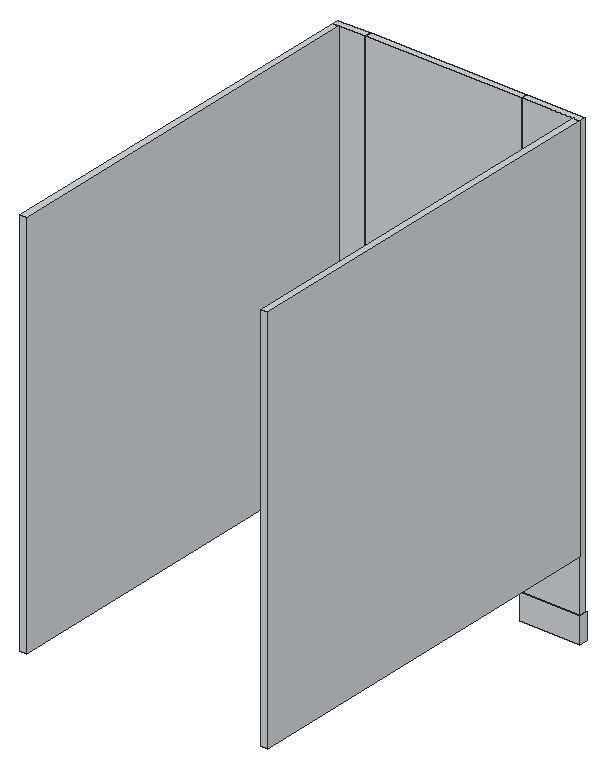
Revit family "r25_MY_Restroom Stall_45_other", category Generic Models, Revit 2025
Family settings
  Can host rebar = No
  Round Connector Dimension = Use Diameter
  Part Type = Normal
  OmniClass Number = 23.25.40.14.14.11
  OmniClass Title = Toilet Compartments and Urinal Screens
  Work Plane-Based = No
  Always vertical = Yes
  Cut with Voids When Loaded = No
  Maintain Annotation Orientation = No
  Shared = No
  Room Calculation Point = No
Parameters (values of type "Stall")
  TO Panel = 6' - 0"
  Switch Door Swing [instance] = yes
  Stall Door Width [instance] = 2' - 0"
  Stall Door Shift = 0' - 0"
  Stall Clear Depth [instance] = 5' - 0"
  Stall Clear Width [instance] = 3' - 0"
  Show Door Swing in Elevation [instance] = yes
  Pilaster2Width [instance] = (Stall Clear Width - Stall Door Width) - (Door Offset)  # 0' - 8"
  Door Offset [instance] = 0' - 4"
  Pilaster Shoe Height = 0' - 4"
  Pilaster Shoe Finish (Material) [instance] = none
  Panel on Side 2 [instance] = yes
  Panel on Side 1 [instance] = yes
  Panel Thickness = 0' - 1"
  Panel Finish (Material) [instance] = none
  Keynote = "10 2113.14.TA-14"
  Door Swings In [instance] = yes
  Default Elevation = 0' - 0"
  BO Panel = 1' - 0"
  Assembly Code = "C1010400"
  ACM Version = "1.0"  # constant formula
Reference planes (in)
  plane 1 "Center (Front/Back)": y = 0
  plane 2: z = 0
  plane 3 "Center (Left/Right)": x = 0
  plane 4: y = 60
  plane 5: x = 36
  plane 6: x = 4
  plane 7: y = 85
Lines and regions (in)
  symbolic lines, style "InvisibleLines"
    curve 1: line (18, 0, 0) -> (18, 6, 0)
    curve 2: line (0, 0, 0) -> (36, 0, 0)
Dimensions and locks (in)
  "Stall Clear Depth": plane 4 to plane 1 "Center (Front/Back)"
  "Stall Clear Width": plane 3 "Center (Left/Right)" to plane 5
  locked: plane 3 "Center (Left/Right)" to curve 1 at 18
  "Door Offset": plane 3 "Center (Left/Right)" to plane 6
  locked: nested 3 to plane 4 at 1
  aligned and locked: plane 2 to level
  aligned and locked: plane 3 "Center (Left/Right)" to nested 2
  aligned and locked: plane 1 "Center (Front/Back)" to nested 2
  aligned and locked: nested 1 to plane 5
  aligned and locked: plane 1 "Center (Front/Back)" to nested 1
  aligned and locked: nested 4 to plane 4
  aligned and locked: plane 3 "Center (Left/Right)" to nested 4
  aligned and locked: plane 5 to nested 5
  aligned and locked: nested 5 to plane 4
  aligned and locked: plane 1 "Center (Front/Back)" to curve 1
  aligned and locked: plane 1 "Center (Front/Back)" to curve 2
  aligned and locked: nested 3 to plane 6
  aligned and locked: plane 6 to nested 4
Automatic sketch dimensions
  curve 2 to plane 3 "Center (Left/Right)" = 0' - 0"
  curve 2 to plane 5 = 0' - 0"
  curve 1 to plane 1 "Center (Front/Back)" = 0' - 6"
Nested families (in)
  nested 1: "102113_Panel" at (36.5, 0, 0), TO Panel <- "TO Panel", Panel Thickness <- "Panel Thickness", BO Panel <- "BO Panel", visible <- "Panel on Side 2", Panel Finish (Material) <- "Panel Finish (Material)", Panel Length <- "Stall Clear Depth", type "102113_Panel"
    with TO Panel 6' - 0", Panel Thickness 0' - 1", Panel Length 5' - 0", Panel Finish (Material) none, BO Panel 1' - 0"
  nested 2: "102113_Panel" at (-0.5, 0, 0), TO Panel <- "TO Panel", Panel Thickness <- "Panel Thickness", BO Panel <- "BO Panel", visible <- "Panel on Side 1", Panel Length <- "Stall Clear Depth", type "102113_Panel"
    with TO Panel 6' - 0", Panel Thickness 0' - 1", Panel Length 5' - 0", Panel Finish (Material) none, BO Panel 1' - 0"
  nested 3: "Partiton_Door45" at (15, 60.5, 0), Show Door Swing in Elev <- "Show Door Swing in Elevation", Door Swings Left <- "Switch Door Swing", Door Swings In <- "Door Swings In", Panel Finish (Material) <- "Panel Finish (Material)", Panel Thickness <- "Panel Thickness", TO Door <- "TO Panel", Door Shift <- "Stall Door Shift", Door Width <- "Stall Door Width", BO Door <- "BO Panel", type "Partiton_Door45"
    with TO Door 6' - 0", Show Door Swing in Elev yes, RightSwingVis no, RHR no, RH no, Panel Thickness 0' - 1", Panel Finish (Material) none, OffsetDriver 1' - 0", LeftSwingVis yes, LHR yes, LH no, Door Width 2' - 0", Door Swings Right no, Door Swings Out no, Door Swings Left yes, Door Swings In yes, Door Shift 0' - 0", Door Panel yes, BO Door 1' - 0"
  nested 4: "Left_End Pilaster_FA" at (0, 60, 0), Pilaster Shoe Finish (Material) <- "Pilaster Shoe Finish (Material)", Panel Finish (Material) <- "Panel Finish (Material)", TO Pilaster <- "TO Panel", Pilaster Width <- "Door Offset", Pilaster Shoe Height <- "Pilaster Shoe Height", Panel Thickness <- "Panel Thickness", Adjacent to Panel <- "Panel on Side 1", type "Left_End Pilaster_FA"
    with TO Pilaster 6' - 0", Pilaster Width 0' - 4", Pilaster Shoe Height 0' - 4", Pilaster Shoe Finish (Material) none, Panel Thickness 0' - 1", Panel Finish (Material) none, OffsetDriver 0' - 1", Front Panel yes, Adjacent to Panel yes
  nested 5: "ACM_Right_End Pilaster_FA" at (36, 61, 0) x (-1, 0, 0) z (0, 0, 1), TO Pilaster <- "TO Panel", Pilaster Width <- "Pilaster2Width", Pilaster Shoe Height <- "Pilaster Shoe Height", Panel Thickness <- "Panel Thickness", type "ACM_Right_End Pilaster_FA"
    with TO Pilaster 6' - 0", Pilaster Width 0' - 8", Pilaster Shoe Height 0' - 4", Pilaster Shoe Finish (Material) none, Panel Thickness 0' - 1", Panel Finish (Material) none, OffsetDriver 0' - 1", Front Panel yes, Adjacent to Panel yes
Definition of nested family "102113_Panel"
  Parameters
    TO Panel [instance] = 5' - 10"
    Panel Length [instance] = 5' - 0"
    Panel Thickness [instance] = 0' - 1"
    Panel Finish (Material) [instance] = none
    Default Elevation = 0' - 0"
    BO Panel [instance] = 1' - 0"
    Assembly Code = ""
  Reference planes (in)
    plane 1 "Front": y = 0
    plane 2: z = 0
    plane 3 "Center (Left/Right)": x = 0
    plane 4 "Back": y = 60
    plane 5: x = 0.5
    plane 6: x = -0.5
  Forms (in)
    Extrusion 1, solid, material <- "Panel Finish (Material)"
      sketch origin (0, 0, 0) x (1, 0, 0) y (0, 1, 0)
        loop
          line (-0.5, 0) -> (0.5, 0) -> (0.5, 60) -> (-0.5, 60) -> (-0.5, 0)
      from 12 <- "BO Panel" to 70 <- "TO Panel"
  Dimensions and locks (in)
    "Panel Length": plane 4 "Back" to plane 1 "Front"
    equal spacing: plane 6, plane 3 "Center (Left/Right)", plane 5
    "Panel Thickness": plane 6 to plane 5
    aligned and locked: plane 1 "Front" to Extrusion 1 sketch curve
    aligned and locked: plane 5 to Extrusion 1 sketch curve
    aligned and locked: plane 4 "Back" to Extrusion 1 sketch curve
    aligned and locked: Extrusion 1 sketch curve to plane 6
Definition of nested family "Partiton_Door45"
  Parameters (values of type "Partiton_Door45")
    Show Door Swing in Elev [instance] = yes
    RightSwingVis [instance] = and(Show Door Swing in Elev, Door Swings Right)  # yes
    RHR [instance] = and(Door Swings Right, Door Swings In)  # yes
    RH [instance] = and(Door Swings Right, Door Swings Out)  # no
    Panel Thickness [instance] = 0' - 1"
    TO Door [instance] = 5' - 10"
    Panel Finish (Material) [instance] = none
    Door Shift [instance] = 0' - 0"
    LeftSwingVis [instance] = and(Show Door Swing in Elev, Door Swings Left)  # no
    OffsetDriver [instance] = Door Width / 2 + Door Shift  # 1' - 3"
    LHR [instance] = and(Door Swings Left, Door Swings In)  # no
    LH [instance] = and(Door Swings Left, Door Swings Out)  # no
    Door Width [instance] = 2' - 6"
    Door Swings Right [instance] = not(Door Swings Left)  # yes
    Door Swings Out [instance] = not(Door Swings In)  # no
    Door Swings Left [instance] = no
    Door Swings In [instance] = yes
    Door Panel [instance] = yes
    Default Elevation = 0' - 0"
    BO Door [instance] = 1' - 0"
    Assembly Code = ""
  Reference planes (in)
    plane 1 "Center (Front/Back)": y = 0
    plane 2: z = 0
    plane 3 "Center (Left/Right)": x = 1
    plane 4: z = 12
    plane 5: z = 70
    plane 6 "Door Front": y = 0.5
    plane 7: y = -0.5
    plane 8: x = 16
    plane 9: x = -14
    plane 10: y = -30.5
    plane 11: x = -13
    plane 12: y = 30.5
    plane 13: x = 15
  Forms (in)
    Extrusion 1, solid, material <- "Panel Finish (Material)", visible <- "Door Panel"
      sketch origin (0, 0, 0) x (1, 0, 0) y (0, 1, 0)
        loop
          line (-14, -0.5) -> (16, -0.5) -> (16, 0.5) -> (-14, 0.5) -> (-14, -0.5)
      from 12 <- "BO Door" to 70 <- "TO Door"
  Lines and regions (in)
    symbolic lines, visible <- "LHR"
      curve 1: arc (16, -0.5, 0) -> (13.71639, -11.9805, 0) -> (7.2132, -21.7132, 0) r 30
      curve 17: line (-14, -0.5, 0) -> (-13.29289, 0.20711, 0)
      curve 18: line (7.2132, -21.7132, 0) -> (-14, -0.5, 0)
      curve 19: line (7.92031, -21.0061, 0) -> (7.2132, -21.7132, 0)
      curve 20: line (-13.29289, 0.20711, 0) -> (7.92031, -21.0061, 0)
    symbolic lines, visible <- "LH"
      curve 2: arc (16, 0.5, 0) -> (13.71639, 11.9805, 0) -> (7.2132, 21.7132, 0) r 30
      curve 9: line (7.2132, 21.7132, 0) -> (7.92031, 21.0061, 0)
      curve 10: line (-14, 0.5, 0) -> (7.2132, 21.7132, 0)
      curve 11: line (-13.29289, -0.20711, 0) -> (-14, 0.5, 0)
      curve 12: line (7.92031, 21.0061, 0) -> (-13.29289, -0.20711, 0)
    symbolic lines, visible <- "RH"
      curve 3: arc (-5.2132, 21.7132, 0) -> (-11.71639, 11.9805, 0) -> (-14, 0.5, 0) r 30
      curve 13: line (16, 0.5, 0) -> (15.29289, -0.20711, 0)
      curve 14: line (-5.2132, 21.7132, 0) -> (16, 0.5, 0)
      curve 15: line (-5.92031, 21.0061, 0) -> (-5.2132, 21.7132, 0)
      curve 16: line (15.29289, -0.20711, 0) -> (-5.92031, 21.0061, 0)
    symbolic lines, visible <- "RHR"
      curve 4: arc (-5.2132, -21.7132, 0) -> (-11.71639, -11.9805, 0) -> (-14, -0.5, 0) r 30
      curve 21: line (16, -0.5, 0) -> (15.29289, 0.20711, 0)
      curve 22: line (-5.2132, -21.7132, 0) -> (16, -0.5, 0)
      curve 23: line (-5.92031, -21.0061, 0) -> (-5.2132, -21.7132, 0)
      curve 24: line (15.29289, 0.20711, 0) -> (-5.92031, -21.0061, 0)
    model lines, visible <- "LeftSwingVis"
      curve 5: line (16, 0.5, 70) -> (-14, 0.5, 41)
      curve 6: line (-14, 0.5, 41) -> (16, 0.5, 12)
    model lines, visible <- "RightSwingVis"
      curve 7: line (-14, 0.5, 70) -> (16, 0.5, 41)
      curve 8: line (16, 0.5, 41) -> (-14, 0.5, 12)
  Dimensions and locks (in)
    equal spacing: plane 7, plane 1 "Center (Front/Back)", plane 6 "Door Front"
    "Panel Thickness": plane 6 "Door Front" to plane 7
    "Door Width": plane 9 to plane 8
    "Door Width": plane 7 to plane 10
    "Panel Thickness": plane 9 to plane 11
    equal spacing: plane 4, curve 6, plane 5
    "Door Width": plane 12 to plane 6 "Door Front"
    equal spacing: plane 5, curve 8, plane 4
    "Panel Thickness": plane 13 to plane 8
    "BO Door": plane 4 to level
    "TO Door": plane 5 to level
    "OffsetDriver": plane 9 to plane 3 "Center (Left/Right)"
    aligned and locked: plane 9 to Extrusion 1 sketch curve
    aligned and locked: plane 6 "Door Front" to Extrusion 1 sketch curve
    aligned and locked: plane 8 to Extrusion 1 sketch curve
    aligned and locked: Extrusion 1 sketch curve to plane 7
  Automatic sketch dimensions
    curve 5 to plane 5 = 0' - 0"
    curve 5 to plane 8 = 0' - 0"
    curve 5 to plane 9 = 0' - 0"
    curve 6 to plane 4 = 0' - 0"
    curve 6 to plane 8 = 0' - 0"
    curve 7 to plane 5 = 0' - 0"
    curve 7 to plane 9 = 0' - 0"
    curve 8 to plane 8 = 0' - 0"
    curve 8 to plane 4 = 0' - 0"
    curve 8 to plane 9 = 0' - 0"
    curve 1 to plane 7 = 0' - 0"
    curve 1 to plane 9 = 0' - 0"
    curve 10 to plane 6 "Door Front" = 0' - 0"
    curve 10 to plane 9 = 0' - 0"
    curve 2 to plane 6 "Door Front" = 0' - 0"
    curve 2 to plane 9 = 0' - 0"
    curve 18 to plane 7 = 0' - 0"
    curve 18 to plane 9 = 0' - 0"
    curve 13 to plane 6 "Door Front" = 0' - 0"
    curve 13 to plane 8 = 0' - 0"
    curve 4 to plane 8 = 0' - 0"
    curve 22 to plane 7 = 0' - 0"
    curve 22 to plane 8 = 0' - 0"
    curve 1 to plane 8 = 0' - 0"
    curve 3 to plane 8 = 0' - 0"
    curve 2 to plane 8 = 0' - 0"
    curve 20 to plane 1 "Center (Front/Back)" = 0' - 0.20711"
    curve 10 to curve 20 = 0' - 0.70711"
    plane 1 "Center (Front/Back)" to curve 12 = 0' - 0.20711"
    curve 12 to curve 17 = 0' - 0"
    curve 24 to plane 3 "Center (Left/Right)" = 0' - 6.92031"
    curve 15 to plane 3 "Center (Left/Right)" = 0' - 6.92031"
    curve 15 to curve 14 = 0' - 0.70711"
    curve 23 to curve 23 = 0' - 0.70711"
Definition of nested family "Left_End Pilaster_FA"
  Parameters (values of type "102113_End Pilaster_FA")
    TO Pilaster [instance] = 6' - 10"
    Pilaster Width [instance] = 0' - 4"
    Pilaster Shoe Height [instance] = 0' - 4"
    Panel Thickness [instance] = 0' - 1"
    Front Panel [instance] = yes
    Default Elevation = 0' - 0"
    Adjacent to Panel [instance] = yes
    Pilaster Shoe Finish (Material) [instance] = none
    Panel Finish (Material) [instance] = none
    OffsetDriver [instance] = if(Adjacent to Panel, Panel Thickness, 0' 0")  # 0' - 1"
  Reference planes (in)
    plane 1 "Center (Front/Back)": y = 0
    plane 2: z = 0
    plane 3 "Center (Left/Right)": x = 0
    plane 4: x = 4
    plane 5: x = -1
    plane 6: y = 1
    plane 7: z = 4
    plane 8: z = 82
  Forms (in)
    Extrusion 1, solid, material <- "Pilaster Shoe Finish (Material)", visible <- "Front Panel"
      sketch origin (0, 0, 0) x (1, 0, 0) y (0, 1, 0)
        loop
          line (-1.125, 1.125) -> (-1.125, -0.125) -> (4.125, -0.125) -> (4.125, 1.125) -> (-1.125, 1.125)
      from 0 to 4
    Extrusion 2, solid, material <- "Panel Finish (Material)", visible <- "Front Panel"
      sketch origin (0, 0, 0) x (1, 0, 0) y (0, 1, 0)
        loop
          line (-1, 1) -> (-1, 0) -> (4, 0) -> (4, 1) -> (-1, 1)
      from 4 to 82
  Dimensions and locks (in)
    "OffsetDriver": plane 5 to plane 3 "Center (Left/Right)"
    "Pilaster Shoe Height": plane 7 to level
    "TO Pilaster": plane 8 to level
    locked: plane 4 to Extrusion 1 sketch curve at 0.125
    locked: Extrusion 1 sketch curve to plane 5 at 0.125
    locked: Extrusion 1 sketch curve to plane 6 at 0.125
    "Panel Thickness": plane 1 "Center (Front/Back)" to plane 6
    locked: Extrusion 1 sketch curve to plane 1 "Center (Front/Back)" at 0.125
    "Pilaster Width": plane 3 "Center (Left/Right)" to plane 4
    aligned and locked: plane 2 to level
    aligned and locked: Extrusion 1 to level
    aligned and locked: plane 7 to Extrusion 1
    aligned and locked: plane 4 to Extrusion 2 sketch curve
    aligned and locked: Extrusion 2 sketch curve to plane 6
    aligned and locked: plane 5 to Extrusion 2 sketch curve
    aligned and locked: plane 8 to Extrusion 2
    aligned and locked: Extrusion 2 to plane 7
    aligned and locked: Extrusion 2 sketch curve to plane 1 "Center (Front/Back)"
Definition of nested family "ACM_Right_End Pilaster_FA"
  Parameters (values of type "ACM_rIGHT_End Pilaster_FA")
    TO Pilaster [instance] = 6' - 10"
    Pilaster Width [instance] = 0' - 4"
    Pilaster Shoe Height [instance] = 0' - 4"
    Panel Thickness [instance] = 0' - 1"
    Front Panel [instance] = yes
    Default Elevation = 0' - 0"
    Adjacent to Panel [instance] = yes
    Pilaster Shoe Finish (Material) [instance] = none
    Panel Finish (Material) [instance] = none
    OffsetDriver [instance] = if(Adjacent to Panel, Panel Thickness, 0' 0")  # 0' - 1"
  Reference planes (in)
    plane 1 "Center (Front/Back)": y = 0
    plane 2: z = 0
    plane 3 "Center (Left/Right)": x = 0
    plane 4: x = 4
    plane 5: x = -1
    plane 6: y = 1
    plane 7: z = 4
    plane 8: z = 82
  Forms (in)
    Extrusion 1, solid, material <- "Pilaster Shoe Finish (Material)", visible <- "Front Panel"
      sketch origin (0, 0, 0) x (1, 0, 0) y (0, 1, 0)
        loop
          line (-1.125, 1.125) -> (-1.125, -0.125) -> (4.125, -0.125) -> (4.125, 1.125) -> (-1.125, 1.125)
      from 0 to 4
    Extrusion 2, solid, material <- "Panel Finish (Material)", visible <- "Front Panel"
      sketch origin (0, 0, 0) x (1, 0, 0) y (0, 1, 0)
        loop
          line (-1, 1) -> (-1, 0) -> (4, 0) -> (4, 1) -> (-1, 1)
      from 4 to 82
  Dimensions and locks (in)
    "OffsetDriver": plane 5 to plane 3 "Center (Left/Right)"
    "Pilaster Shoe Height": plane 7 to level
    "TO Pilaster": plane 8 to level
    locked: plane 4 to Extrusion 1 sketch curve at 0.125
    locked: Extrusion 1 sketch curve to plane 5 at 0.125
    locked: Extrusion 1 sketch curve to plane 6 at 0.125
    "Panel Thickness": plane 1 "Center (Front/Back)" to plane 6
    locked: Extrusion 1 sketch curve to plane 1 "Center (Front/Back)" at 0.125
    "Pilaster Width": plane 3 "Center (Left/Right)" to plane 4
    aligned and locked: plane 2 to level
    aligned and locked: Extrusion 1 to level
    aligned and locked: plane 7 to Extrusion 1
    aligned and locked: plane 4 to Extrusion 2 sketch curve
    aligned and locked: Extrusion 2 sketch curve to plane 6
    aligned and locked: plane 5 to Extrusion 2 sketch curve
    aligned and locked: plane 8 to Extrusion 2
    aligned and locked: Extrusion 2 to plane 7
    aligned and locked: Extrusion 2 sketch curve to plane 1 "Center (Front/Back)"
